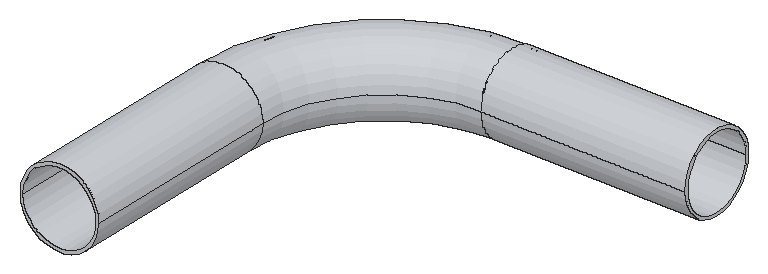
Revit family "SB2G", category Generic Models, Revit 2017
Family settings
  Can host rebar = No
  Round Connector Dimension = Use Diameter
  Part Type = Normal
  Work Plane-Based = Yes
  Always vertical = No
  Cut with Voids When Loaded = No
  Shared = No
  Room Calculation Point = No
Parameters (values of type "NBS Standard Parameters")
  Weight = "0.245Kg"
  WarrantyStartDate [instance] = "1900-12-31T23:59:59"
  WarrantyGuarantorParts = "n/a"
  WarrantyGuarantorLabor = "n/a"
  WarrantyDurationUnit = "1 year"
  WarrantyDurationParts = "n/a"
  WarrantyDurationLabor = "n/a"
  WarrantyDescription = "n/a"
  Version = "1"
  Uniclass2 = "Pr_65_70_11_20"
  TagNumber [instance] = "n/a"
  SustainabilityPerformance = "n/a"
  Size = "25mm"
  Shape = "n/a"
  SerialNumber [instance] = "n/a"
  Revision = "n/a"
  ReplacementCost = "n/a"
  ProductInformation = "www.metpro.co.uk/pdf/sb2g.pdf"
  NominalWidth = 125 mm
  NominalLength = 125 mm
  NominalHeight = 40 mm
  Name = ""
  NBSTypeID = ""
  NBSReference = "90-55-10/460"
  NBSOfficeMasterTag = ""
  NBSNote = ""
  NBSDescription = "Conduit Fittings"
  NBSCertification = ""
  ModelReference = "SB2G"
  ModelNumber = "n/a"
  Material = "Steel"
  ManufacturerURL = "www.metpro.co.uk"
  ManufacturerName = "Metpro Ltd"
  InstallationDate [instance] = "1900-12-31T23:59:59"
  IfcExportType = ""
  IfcExportAs = ""
  Grade = "n/a"
  Finish = "Galvanised"
  Features = "n/a"
  ExpectedLife = "n/a"
  DurationUnit = "year"
  Description = "SBS2G  - 25mm Conduit Solid Bend"
  Default Elevation = 1219.2 mm
  Constituents = "n/a"
  Color = "n/a"
  CodePerformance = "n/a"
  Category = "n/a"
  BarCode [instance] = "n/a"
  BIMObjectName = "Metpro_metprolibrary_conduitfittings_metalcomponent_steelaccessories"
  Author = "Metpro Ltd"
  AssetType = ""
  AssetIdentifier [instance] = "n/a"
  AccessibilityPerformance = "n/a"
Reference planes
  plane 1 "Center (Front/Back)": y = 0
  plane 2: z = 0
  plane 3 "Center (Left/Right)": x = 0
Forms (mm)
  Sweep 1, solid
    path origin (10.708, 15.548, -22.737) x (0, -1, 0) y (1, 0, 0)
      loop
        line (91.987, -10.708) -> (21.987, -10.708)
        arc (21.987, -10.708) -> (-16.904, 5.402) -> (-33.013, 44.292) r 55
        line (-33.013, 44.292) -> (-33.013, 114.292)
    profile origin (0, -41.438, -22.737) x (-1, 0, 0) y (0, 0, 1)
      loop
        circle (0, 0) r 12.5
      loop
        circle (0, 0) r 13.5
Dimensions and locks
  aligned and locked: level to plane 2
